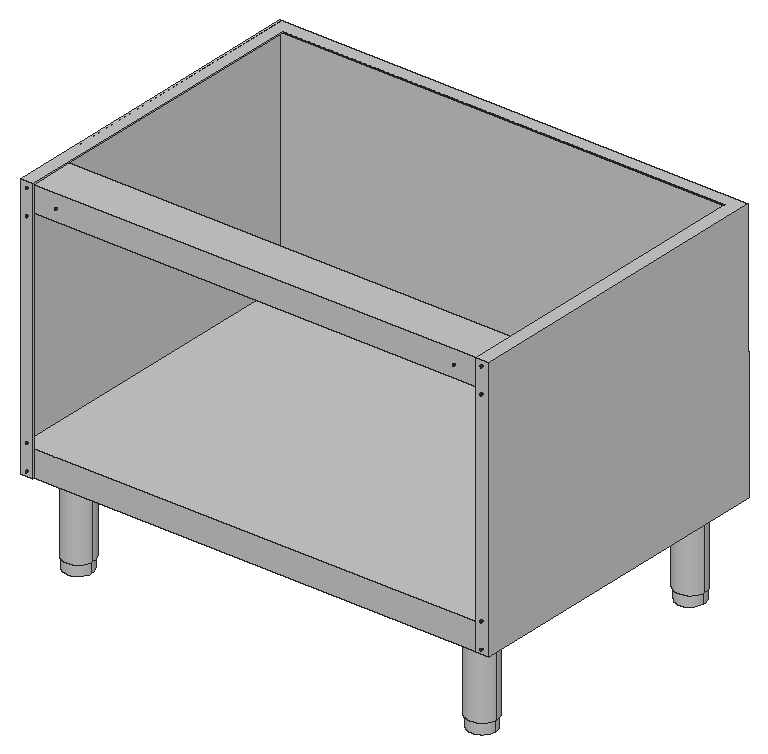
Revit family "QF_ELECTROLUXPROFESSIONAL_371264_E7BAMH00O00", category Specialty Equipment, Revit 2018
Family settings
  Round Connector Dimension = Use Diameter
  Part Type = Normal
  Work Plane-Based = No
  Always vertical = Yes
  Cut with Voids When Loaded = No
  Shared = No
  Room Calculation Point = No
Parameters (values of type "Standard")
  Weight = 15.00 kg
  Watts = 0 W
  Volts = 0 V
  URL Manufacturer = "http://professional.electrolux.com"
  URL = "http://professional.electrolux.com"
  Steam Supply Size = 0"
  Steam Supply Minimum Pressure = 0.00 psi
  Steam Supply Maximum Pressure = 0.00 psi
  Steam Pounds per Hour = 0
  Refrigeration Suction Line Size = 0.00 mm
  Refrigeration Liquid Line Size = 0.00 mm
  Refrigerant Compressor Remote = yes
  Phase = 0
  Model = "E7BAMH00O00"
  Manufacturer = "Electrolux Professional"
  Length Actual = 800.00 mm  # constant formula
  Item Number = "371264"
  Hot Water Size = 0"
  Height Actual = 600.00 mm  # constant formula
  HP = "0 HP"
  Gas Size = 0"
  Gas KW = 0
  Gas Input Pressure = 0.0 Btu/h
  Direct Waste Size = 0"
  Description = "OPEN BASE CUPBOARD 800 MM W/FLANGED FEET"
  Depth Actual = 550.00 mm  # constant formula
  Cycle = 0 Hz
  Condensate Return Size = 0"
  Compressed Air Volume = 0 GPM
  Compressed Air Size = 0"
  Compressed Air Pressure = 0.00 psi
  Cold Water Size = 0"
  Accessory = yes
Reference planes
  plane 1 "BACK": y = 0
  plane 2: z = 0
  plane 3 "LEFT": x = 0
  plane 4 "RIGHT": x = 799
  plane 5 "FRONT": y = -554
  plane 6 "TOP": z = 599
  plane 7 "Center Y": x = 399.5
  plane 8 "Center X": y = -277
  plane 9 "Base Height": z = 149
Forms (mm)
  Extrusion 1, solid, material "QF_Finishes_Stainless Steel"
    sketch origin (0, 0, 149) x (-1, 0, 0) y (0, -1, 0)
      loop
        line (0, 0) -> (0, 554) -> (-22, 554) -> (-22, 22) -> (-777, 22) -> (-777, 554) -> (-799, 554) -> (-799, 0) -> (0, 0)
    from 448.412 to 450
  Extrusion 2, solid, material "QF_Finishes_Stainless Steel"
    sketch origin (0, -554, 0) x (1, 0, 0) y (0, 0, 1)
      loop
        line (0, 597.413) -> (0, 149) -> (22, 149) -> (22, 597.413) -> (0, 597.413)
      loop
        line (799, 149) -> (799, 597.413) -> (777, 597.413) -> (777, 149) -> (799, 149)
    from 0 to -1.59
  Extrusion 3, solid, material "QF_Finishes_Stainless Steel"
    sketch origin (0, 0, 0) x (0, 1, 0) y (0, 0, 1)
      loop
        line (-552.41, 597.413) -> (-552.41, 149) -> (0, 149) -> (0, 597.413) -> (-552.41, 597.413)
    from 0 to 1.59
  Extrusion 4, solid, material "QF_Finishes_Stainless Steel"
    sketch origin (799, 0, 0) x (0, 1, 0) y (0, 0, 1)
      loop
        line (-552.41, 597.413) -> (-552.41, 149) -> (0, 149) -> (0, 597.413) -> (-552.41, 597.413)
    from 0 to -1.59
  Extrusion 5, solid, material "QF_Finishes_Stainless Steel"
    sketch origin (0, 0, 0) x (1, 0, 0) y (0, 0, 1)
      loop
        line (0, 597.413) -> (0, 149) -> (799, 149) -> (799, 597.413) -> (0, 597.413)
    from 0 to 1.59
  Extrusion 6, solid, material "QF_Finishes_Stainless Steel"
    sketch origin (0, 0, 149) x (-1, 0, 0) y (0, -1, 0)
      loop
        line (-1.59, 1.59) -> (-1.59, 552.41) -> (-797.41, 552.41) -> (-797.41, 1.59) -> (-1.59, 1.59)
      loop
        circle (-752.751, 403.685) r 12.7
    from 0 to 45
  Extrusion 7, solid, material "QF_Finishes_Stainless Steel"
    sketch origin (0, 0, 0) x (0, 1, 0) y (0, 0, 1)
      loop
        line (-552.41, 597.413) -> (-552.41, 554.237) -> (-550.82, 554.237) -> (-550.82, 595.823) -> (-477.41, 595.823) -> (-477.41, 597.413) -> (-552.41, 597.413)
    from 1.59 to 797.41
  Extrusion 8, solid, material "QF_Finishes_Stainless Steel"
    sketch origin (0, 0, 149) x (-1, 0, 0) y (0, -1, 0)
      loop
        circle (-752.751, 403.685) r 12.7
    from -1.075 to 43.642
  Extrusion 9, solid, material "QF_Finishes_Black"
    sketch origin (399, -554, 149) x (-1, 0, 0) y (0, 0, -1)
      loop
        circle (387.615, -441.126) r 1.5
      loop
        circle (387.615, -397.951) r 1.5
      loop
        circle (387.615, -51.126) r 1.5
      loop
        circle (387.615, -7.951) r 1.5
      loop
        circle (-388.615, -441.126) r 1.5
      loop
        circle (-388.615, -397.951) r 1.5
      loop
        circle (-388.615, -51.126) r 1.5
      loop
        circle (-388.615, -7.951) r 1.5
    from 0 to 1.59
  Extrusion 10, solid, material "QF_Finishes_Black"
    sketch origin (0, -552.41, 592.413) x (0, 0, 1) y (-1, 0, 0)
      loop
        circle (-17.884, -59.72) r 1.5
      loop
        circle (-17.884, -739.28) r 1.5
    from 0 to 1.59
  Revolve 11, solid, material "QF_Finishes_Stainless Steel"
    sketch origin (0, -499, 0) x (1, 0, 0) y (0, 0, 1)
      loop
        line (55, 0) -> (55, 149) -> (29.6, 149) -> (29.6, 19.05) -> (32.1, 19.05) -> (32.1, 0) -> (55, 0)
      axis (55, 0) -> (55, 149)
    angle from 0 to 360
  Revolve 12, solid, material "QF_Finishes_Stainless Steel"
    sketch origin (399, -499, 0) x (-1, 0, 0) y (0, 0, -1)
      loop
        line (-345, 0) -> (-367.9, 0) -> (-367.9, -19.05) -> (-370.4, -19.05) -> (-370.4, -149) -> (-345, -149) -> (-345, 0)
      axis (-345, 0) -> (-345, -149)
    angle from 0 to 360
  Revolve 13, solid, material "QF_Finishes_Stainless Steel"
    sketch origin (0, -55, 0) x (1, 0, 0) y (0, 0, -1)
      loop
        line (55, 0) -> (32.1, 0) -> (32.1, -19.05) -> (29.6, -19.05) -> (29.6, -149) -> (55, -149) -> (55, 0)
      axis (55, 0) -> (55, -149)
    angle from 0 to 360
  Revolve 14, solid, material "QF_Finishes_Stainless Steel"
    sketch origin (399, -55, 0) x (-1, 0, 0) y (0, 0, 1)
      loop
        line (-345, 0) -> (-345, 149) -> (-370.4, 149) -> (-370.4, 19.05) -> (-367.9, 19.05) -> (-367.9, 0) -> (-345, 0)
      axis (-345, 0) -> (-345, 149)
    angle from 0 to 360
Cuts and joins
  joined: Extrusion 1, Extrusion 2, Extrusion 3, Extrusion 4, Extrusion 5, Extrusion 6, Extrusion 7, Extrusion 8
Lines and regions (mm)
  symbolic lines, style "QF-Undercounter Details"
    curve 1: line (0, 0, 149) -> (799, 0, 149)
    curve 2: line (0, -554, 149) -> (0, 0, 149)
    curve 3: line (799, -554, 149) -> (0, -554, 149)
    curve 4: line (799, 0, 149) -> (799, -554, 149)
    curve 5: line (22, -477.41, 149) -> (777, -477.41, 149)
    curve 6: line (777, -554, 149) -> (777, -22, 149)
    curve 7: line (777, -22, 149) -> (22, -22, 149)
    curve 8: line (22, -22, 149) -> (22, -554, 149)
    curve 9: line (22, -22, 149) -> (0, 0, 149)
    curve 10: line (777, -22, 149) -> (799, 0, 149)
    curve 11: arc (740.051, -403.685, 149) -> (752.751, -390.985, 149) -> (765.451, -403.685, 149) r 12.7
    curve 12: arc (765.451, -403.685, 149) -> (752.751, -416.385, 149) -> (740.051, -403.685, 149) r 12.7
Dimensions and locks
  equal spacing: plane 3 "LEFT", plane 7 "Center Y", plane 4 "RIGHT"
  plane 3 "LEFT" to plane 4 "RIGHT" = 799.00 mm
  equal spacing: plane 5 "FRONT", plane 8 "Center X", plane 1 "BACK"
  plane 5 "FRONT" to plane 1 "BACK" = 554.00 mm
  plane 6 "TOP" to level = 599.00 mm
  locked: plane 9 "Base Height" to level at 149
  aligned and locked: level to plane 2
  aligned and locked: Revolve 11 to plane 9 "Base Height"
  aligned and locked: plane 9 "Base Height" to Revolve 12
Automatic sketch dimensions
  plane 1 "BACK" to Extrusion 1 sketch curve = 0.00 mm
  Extrusion 1 sketch curve to plane 4 "RIGHT" = 0.00 mm
  plane 5 "FRONT" to Extrusion 1 sketch curve = 0.00 mm  (x2)
  Extrusion 1 sketch curve to plane 3 "LEFT" = 0.00 mm
  Extrusion 1 sketch curve to Extrusion 1 sketch curve = 22.00 mm
  plane 3 "LEFT" to Extrusion 1 sketch curve = 22.00 mm
  plane 1 "BACK" to Extrusion 1 sketch curve = 22.00 mm
  Extrusion 2 sketch curve to plane 3 "LEFT" = 0.00 mm
  Extrusion 2 sketch curve to plane 9 "Base Height" = 0.00 mm  (x2)
  Extrusion 2 sketch curve to plane 4 "RIGHT" = 0.00 mm
  plane 3 "LEFT" to Extrusion 2 sketch curve = 22.00 mm
  Extrusion 2 sketch curve to plane 4 "RIGHT" = 22.00 mm
  Extrusion 2 sketch curve to plane 6 "TOP" = 1.587 mm  (x2)
  Extrusion 3 sketch curve to plane 9 "Base Height" = 0.00 mm
  Extrusion 3 sketch curve to plane 1 "BACK" = 0.00 mm
  Extrusion 3 sketch curve to plane 5 "FRONT" = 1.59 mm
  Extrusion 3 sketch curve to plane 6 "TOP" = 1.587 mm
  Extrusion 4 sketch curve to plane 9 "Base Height" = 0.00 mm
  Extrusion 4 sketch curve to plane 1 "BACK" = 0.00 mm
  Extrusion 4 sketch curve to plane 5 "FRONT" = 1.59 mm
  Extrusion 4 sketch curve to plane 6 "TOP" = 1.587 mm
  Extrusion 5 sketch curve to plane 3 "LEFT" = 0.00 mm
  Extrusion 5 sketch curve to plane 4 "RIGHT" = 0.00 mm
  Extrusion 5 sketch curve to plane 9 "Base Height" = 0.00 mm
  Extrusion 5 sketch curve to plane 6 "TOP" = 1.587 mm
  Extrusion 6 sketch curve to Extrusion 6 sketch curve = 0.00 mm  (x2)
  Extrusion 6 sketch curve to plane 4 "RIGHT" = 1.59 mm
  Extrusion 6 sketch curve to plane 4 "RIGHT" = 33.549 mm
  Extrusion 6 sketch curve to Extrusion 6 sketch curve = 12.70 mm
  plane 3 "LEFT" to Extrusion 6 sketch curve = 1.59 mm
  plane 1 "BACK" to Extrusion 6 sketch curve = 1.59 mm
  Extrusion 6 sketch curve to plane 8 "Center X" = 126.685 mm
  Extrusion 6 sketch curve to plane 5 "FRONT" = 1.59 mm
  Extrusion 7 sketch curve to plane 5 "FRONT" = 1.59 mm
  Extrusion 7 sketch curve to Extrusion 7 sketch curve = 1.59 mm
  Extrusion 7 sketch curve to plane 6 "TOP" = 3.178 mm
  Extrusion 7 sketch curve to Extrusion 7 sketch curve = 73.41 mm
  Extrusion 7 sketch curve to Extrusion 7 sketch curve = 41.585 mm
  Extrusion 7 sketch curve to plane 6 "TOP" = 1.588 mm
  Extrusion 8 sketch curve to plane 4 "RIGHT" = 46.249 mm
  Extrusion 8 sketch curve to plane 8 "Center X" = 126.685 mm
  Extrusion 10 sketch curve to Extrusion 7 = 20.291 mm  (x2)
  Extrusion 7 to Extrusion 10 sketch curve = 58.13 mm  (x2)
  curve 11 to curve 12 = 0.00 mm  (x2)
  curve 4 to plane 4 "RIGHT" = 0.00 mm
  plane 5 "FRONT" to curve 6 = 0.00 mm
  curve 3 to plane 3 "LEFT" = 0.00 mm
  plane 1 "BACK" to curve 1 = 0.00 mm
  curve 7 to plane 4 "RIGHT" = 22.00 mm
  curve 12 to plane 4 "RIGHT" = 33.549 mm
  curve 11 to curve 12 = 12.70 mm
  plane 3 "LEFT" to curve 9 = 22.00 mm
  plane 1 "BACK" to curve 10 = 22.00 mm
  curve 12 to plane 8 "Center X" = 126.685 mm
  curve 5 to plane 5 "FRONT" = 76.59 mm
  Revolve 11 sketch curve to plane 9 "Base Height" = 0.00 mm
  Revolve 11 sketch curve to level = 0.00 mm
  plane 3 "LEFT" to Revolve 11 sketch curve = 29.60 mm
  Revolve 11 sketch curve to Revolve 11 sketch curve = 2.50 mm
  Revolve 11 sketch curve to Revolve 11 sketch curve = 25.40 mm
  Revolve 11 sketch curve to Revolve 11 sketch curve = 0.00 mm
  level to Revolve 11 sketch curve = 19.05 mm
  plane 9 "Base Height" to Revolve 11 sketch curve = 1.00 mm
  Revolve 11 sketch curve to Revolve 11 sketch curve = 20.00 mm
  Revolve 12 sketch curve to plane 9 "Base Height" = 0.00 mm
  Revolve 12 sketch curve to level = 0.00 mm
  Revolve 12 sketch curve to plane 4 "RIGHT" = 29.60 mm
  Revolve 12 sketch curve to Revolve 12 sketch curve = 2.50 mm
  Revolve 12 sketch curve to Revolve 12 sketch curve = 25.40 mm
  Revolve 12 sketch curve to Revolve 12 sketch curve = 0.00 mm
  Revolve 12 sketch curve to Revolve 12 sketch curve = 1.00 mm
  Revolve 12 sketch curve to Revolve 12 sketch curve = 20.00 mm
  level to Revolve 12 sketch curve = 19.05 mm
  Revolve 13 sketch curve to plane 9 "Base Height" = 0.00 mm
  Revolve 13 sketch curve to level = 0.00 mm
  plane 3 "LEFT" to Revolve 13 sketch curve = 29.60 mm
  Revolve 13 sketch curve to Revolve 13 sketch curve = 2.50 mm
  Revolve 13 sketch curve to Revolve 13 sketch curve = 25.40 mm
  Revolve 13 sketch curve to Revolve 13 sketch curve = 0.00 mm
  plane 9 "Base Height" to Revolve 13 sketch curve = 1.00 mm
  Revolve 13 sketch curve to Revolve 13 sketch curve = 20.00 mm
  level to Revolve 13 sketch curve = 19.05 mm
  Revolve 14 sketch curve to plane 9 "Base Height" = 0.00 mm
  Revolve 14 sketch curve to level = 0.00 mm
  Revolve 14 sketch curve to plane 4 "RIGHT" = 29.60 mm
  Revolve 14 sketch curve to Revolve 14 sketch curve = 2.50 mm
  Revolve 14 sketch curve to Revolve 14 sketch curve = 25.40 mm
  Revolve 14 sketch curve to Revolve 14 sketch curve = 0.00 mm
  level to Revolve 14 sketch curve = 19.05 mm
  Revolve 14 sketch curve to Revolve 14 sketch curve = 1.00 mm
  Revolve 14 sketch curve to Revolve 14 sketch curve = 20.00 mm
  Extrusion 1 to Extrusion 9 sketch curve = 765.615 mm
  Extrusion 9 sketch curve to Extrusion 1 = 50.462 mm
  Extrusion 9 sketch curve to Extrusion 9 sketch curve = 0.00 mm  (x3)
  Extrusion 9 sketch curve to Extrusion 1 = 7.286 mm  (x2)
  Extrusion 9 sketch curve to Extrusion 1 = 10.615 mm  (x4)
  Extrusion 9 sketch curve to Extrusion 9 sketch curve = 43.175 mm  (x3)
  Extrusion 9 sketch curve to Extrusion 9 sketch curve = 346.825 mm  (x2)
  radius of Extrusion 8 sketch curve = 12.70 mm
  radius of Extrusion 10 sketch curve = 1.50 mm  (x2)
  radius of Extrusion 9 sketch curve = 1.50 mm  (x8)
